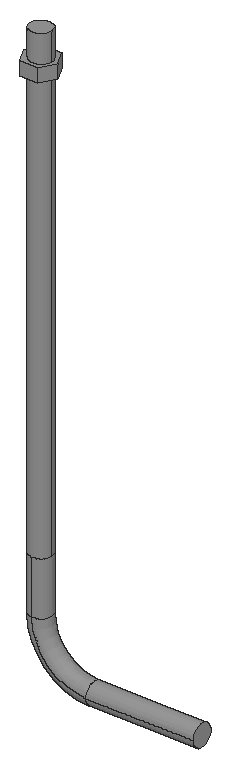
Revit family "Anchor Bolt", category Structural Connections, Revit 2017
Family settings
  Material for Model Behavior = Other
  Work Plane-Based = Yes
  Enable cutting in views = Yes
  Always vertical = No
  Cut with Voids When Loaded = No
  Shared = No
Parameters (values of type "#10")
  Side = Head Size * 0.57812  # 0' - 0.1626"
  Radius = Diameter / 2  # 0' - 0.09961"
  Length = 0' - 4"
  Head Size = 0' - 0 9/32"
  Head Radius = Head Size / 2  # 0' - 0 9/64"
  Head Height = 0' - 0 1/8"
  Diameter = 0' - 0 51/256"
  Default Elevation = 4' - 0"
  Bolt Material (Size) = 5/8" GALV. ANCHOR BOLT @ 24" O.C. (6" MIN. EMBEDMENT)
Types (8): name | Side | Radius | Length | Head Size | Head Radius | Head Height | Diameter | Bolt Material (Size)
  3/4" | 0' - 0.65039" | 0' - 0 3/8" | 0' - 4" | 0' - 1 1/8" | 0' - 0 9/16" | 0' - 0 1/2" | 0' - 0 3/4" | 5/8" GALV. ANCHOR BOLT @ 24" O.C. (6" MIN. EMBEDMENT)
  1/2" | 0' - 0 111/256" | 0' - 0 1/4" | 0' - 8" | 0' - 0 3/4" | 0' - 0 3/8" | 0' - 0 1/2" | 0' - 0 1/2" | 1/2" ANCHOR BOLTS (7" MIN. EMBED) AT 72" MIN O.C. SPACING (18" MAX. FROM CORNERS)
  3/8" | 0' - 0.3252" | 0' - 0 3/16" | 0' - 4" | 0' - 0 9/16" | 0' - 0 9/32" | 0' - 0 1/4" | 0' - 0 3/8" | 3/8" X GALV LAG BOLT (HOLE 15/32")
  5/8" | 0' - 0.54199" | 0' - 0 5/16" | 0' - 10 1/2" | 0' - 0 15/16" | 0' - 0 15/32" | 0' - 0 27/64" | 0' - 0 5/8" | 5/8" GALV. ANCHOR BOLT @ 24" O.C. (6" MIN. EMBEDMENT)
  7/8" | 0' - 0.75879" | 0' - 0 7/16" | 0' - 4" | 0' - 1 5/16" | 0' - 0 21/32" | 0' - 0 37/64" | 0' - 0 7/8" | 5/8" GALV. ANCHOR BOLT @ 24" O.C. (6" MIN. EMBEDMENT)
  1" | 0' - 0 111/128" | 0' - 0 1/2" | 0' - 4" | 0' - 1 1/2" | 0' - 0 3/4" | 0' - 0 43/64" | 0' - 1" | 5/8" GALV. ANCHOR BOLT @ 24" O.C. (6" MIN. EMBEDMENT)
  1/4" | 0' - 0.25293" | 0' - 0 1/8" | 0' - 4" | 0' - 0 7/16" | 0' - 0 7/32" | 0' - 0 11/64" | 0' - 0 1/4" | 5/8" GALV. ANCHOR BOLT @ 24" O.C. (6" MIN. EMBEDMENT)
  #10 | 0' - 0.1626" | 0' - 0.09961" | 0' - 4" | 0' - 0 9/32" | 0' - 0 9/64" | 0' - 0 1/8" | 0' - 0 51/256" | 5/8" GALV. ANCHOR BOLT @ 24" O.C. (6" MIN. EMBEDMENT)
Reference planes (in)
  plane 1 "Center (Front/Back)": y = 0
  plane 2: z = 0
  plane 3 "Center (Left/Right)": x = 0
  plane 4: z = 0.125
  plane 5: z = -4
  plane 6: y = 0
  plane 7: x = 0
  plane 8: z = 0.375
Forms (in)
  Extrusion 1, solid, material "5/8" GALV. ANCHOR BOLT @ 24" O.C. (6" MIN. EMBEDMENT)" <- "Bolt Material (Size)"
    sketch origin (0, 0, 0) x (1, 0, 0) y (0, 1, 0)
      loop
        line (-0.08119, 0.14062) -> (-0.16238, 0) -> (-0.08119, -0.14063) -> (0.08119, -0.14063) -> (0.16238, 0) -> (0.08119, 0.14062) -> (-0.08119, 0.14062)
    from 0 to 0.125
  Extrusion 2, solid, material "5/8" GALV. ANCHOR BOLT @ 24" O.C. (6" MIN. EMBEDMENT)" <- "Bolt Material (Size)"
    sketch origin (0, 0, 0) x (1, 0, 0) y (0, 1, 0)
      loop
        circle (0, 0) r 0.09961
    from -4 to 0.375
  Sweep 3, solid, material "5/8" GALV. ANCHOR BOLT @ 24" O.C. (6" MIN. EMBEDMENT)" <- "Bolt Material (Size)"
    path origin (0, 0, 0) x (1, 0, 0) y (0, 0, 1)
      loop
        line (0, -4) -> (0, -4.5)
        arc (0, -4.5) -> (0.14645, -4.85355) -> (0.5, -5) r 0.5
        line (0.5, -5) -> (1.5, -5)
    profile origin (0, 0, -4.25) x (0, -1, 0) y (1, 0, 0)
      loop
        circle (0, 0) r 0.09961
Cuts and joins
  joined: Extrusion 2, Sweep 3
Lines and regions (in)
  model lines, style "InvisibleLines"
    curve 1: line (0, -0.14063, 0.125) -> (0, 0.14062, 0.125)
    curve 2: line (0.16238, 0, 0.125) -> (-0.16238, 0, 0.125)
Dimensions and locks (in)
  "Head Height": plane 4 to level
  "Length": level to plane 5
  "Head Radius": Extrusion 1 sketch curve to plane 3 "Center (Left/Right)"
  "Head Radius": Extrusion 1 sketch curve to plane 7
  "Head Radius": Extrusion 1 sketch curve to plane 6  (x4)
  plane 8 to plane 4 = 0' - 0 1/4"
  locked: plane 5 to Sweep 3 sketch curve at 1
  "Radius": radius of Extrusion 2 sketch curve
  "Radius": radius of Sweep 3 sketch curve
  locked: Extrusion 1 sketch curve to Extrusion 1 sketch curve (angle 120.00°)  (x5)
  aligned and locked: level to plane 2
  aligned and locked: Extrusion 1 to plane 4
  aligned and locked: Extrusion 2 to plane 5
  aligned and locked: plane 7 to curve 1
  aligned and locked: plane 6 to curve 2
  aligned and locked: plane 8 to Extrusion 2
Automatic sketch dimensions
  curve 2 to Extrusion 1 = 0' - 0"
  curve 1 to Extrusion 1 = 0' - 0"
  Extrusion 1 to curve 1 = 0' - 0"
  Extrusion 1 to curve 2 = 0' - 0"
  plane 3 "Center (Left/Right)" to Sweep 3 sketch curve = 0' - 0"
  Sweep 3 sketch curve to plane 5 = 0' - 0"
  Sweep 3 sketch curve to plane 5 = 0' - 0 1/2"
  Sweep 3 sketch curve to Sweep 3 sketch curve = 0' - 1"
  plane 1 "Center (Front/Back)" to Extrusion 2 sketch curve = 0' - 0"
  Extrusion 2 sketch curve to plane 3 "Center (Left/Right)" = 0' - 0"
  plane 1 "Center (Front/Back)" to Sweep 3 sketch curve = 0' - 0"
  Sweep 3 sketch curve to profile plane = 0' - 0"
